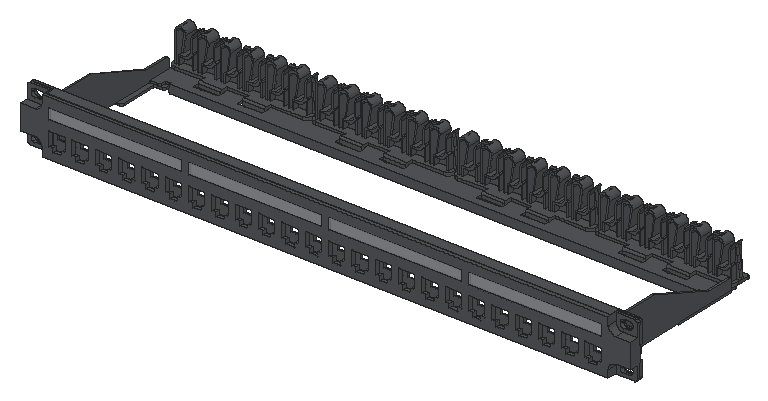
Revit family "Patch panel", category Equipement spécialisé, Revit 2020 (continued)
Forms (mm)
  Extrusion 142, solid, material "IDS_NOIR" <- "Color"
    sketch origin (172.436, 226.765, 1200) x (-1, 0, 0) y (0, 0, 1)
      loop
        line (-28.964, -1163.4) -> (-28.964, -1173.921)
        arc (-28.964, -1173.921) -> (-29.228, -1174.219) -> (-29.555, -1173.994) r 0.3
        line (-29.555, -1173.994) -> (-31.804, -1165.028) -> (-31.804, -1188.4) -> (-28.964, -1188.4) -> (-28.964, -1178.068)
        arc (-28.964, -1178.068) -> (-28.87, -1177.644) -> (-28.605, -1177.3) r 1
        line (-28.605, -1177.3) -> (-27.764, -1176.6) -> (-27.764, -1166.45) -> (-28.964, -1163.4)
      loop
        line (-27.764, -1188.4) -> (-17.964, -1188.4) -> (-17.964, -1182.6) -> (-21.764, -1182.6)
        arc (-21.764, -1182.6) -> (-24.979, -1181.666) -> (-27.193, -1179.156) r 6
        arc (-27.193, -1179.156) -> (-27.53, -1178.991) -> (-27.764, -1179.283) r 0.3
        line (-27.764, -1179.283) -> (-27.764, -1188.4)
      loop
        line (-16.764, -1182.4) -> (-16.764, -1188.4) -> (-15.004, -1188.4) -> (-15.004, -1182.4) -> (-16.764, -1182.4)
    from 1 to -1
  Extrusion 143, solid, material "IDS_NOIR" <- "Color"
    sketch origin (190.436, 226.765, 1200) x (-1, 0, 0) y (0, 0, 1)
      loop
        line (-32.464, -1188.4) -> (-28.964, -1188.4) -> (-28.964, -1178.068)
        arc (-28.964, -1178.068) -> (-28.87, -1177.644) -> (-28.605, -1177.3) r 1
        line (-28.605, -1177.3) -> (-27.764, -1176.6) -> (-27.764, -1166.45) -> (-28.819, -1163.769) -> (-32.464, -1188.4)
      loop
        line (-27.764, -1188.4) -> (-17.964, -1188.4) -> (-17.964, -1182.6) -> (-21.764, -1182.6)
        arc (-21.764, -1182.6) -> (-24.979, -1181.666) -> (-27.193, -1179.156) r 6
        arc (-27.193, -1179.156) -> (-27.53, -1178.991) -> (-27.764, -1179.283) r 0.3
        line (-27.764, -1179.283) -> (-27.764, -1188.4)
      loop
        line (-16.764, -1182.4) -> (-16.764, -1188.4) -> (-15.004, -1188.4) -> (-15.004, -1182.4) -> (-16.764, -1182.4)
    from 1 to -1
  Extrusion 144, solid, material "IDS_NOIR" <- "Color"
    sketch origin (100.436, 226.765, 1200) x (-1, 0, 0) y (0, 0, 1)
      loop
        arc (-36.054, -1161.15) -> (-33.708, -1161.856) -> (-32.142, -1163.74) r 4.25
        arc (-32.142, -1163.74) -> (-32.055, -1162.798) -> (-31.221, -1162.35) r 1
        line (-31.221, -1162.35) -> (-28.964, -1162.35) -> (-28.964, -1161.15) -> (-36.054, -1161.15)
    from -1 to 1
  Extrusion 145, solid, material "IDS_NOIR" <- "Color"
    sketch origin (118.436, 226.765, 1200) x (-1, 0, 0) y (0, 0, 1)
      loop
        arc (-36.054, -1161.15) -> (-33.708, -1161.856) -> (-32.142, -1163.74) r 4.25
        arc (-32.142, -1163.74) -> (-32.055, -1162.798) -> (-31.221, -1162.35) r 1
        line (-31.221, -1162.35) -> (-28.964, -1162.35) -> (-28.964, -1161.15) -> (-36.054, -1161.15)
    from -1 to 1
  Extrusion 146, solid, material "IDS_NOIR" <- "Color"
    sketch origin (136.436, 226.765, 1200) x (-1, 0, 0) y (0, 0, 1)
      loop
        arc (-36.054, -1161.15) -> (-33.708, -1161.856) -> (-32.142, -1163.74) r 4.25
        arc (-32.142, -1163.74) -> (-32.055, -1162.798) -> (-31.221, -1162.35) r 1
        line (-31.221, -1162.35) -> (-28.964, -1162.35) -> (-28.964, -1161.15) -> (-36.054, -1161.15)
    from -1 to 1
  Extrusion 147, solid, material "IDS_NOIR" <- "Color"
    sketch origin (154.436, 226.765, 1200) x (-1, 0, 0) y (0, 0, 1)
      loop
        arc (-36.054, -1161.15) -> (-33.708, -1161.856) -> (-32.142, -1163.74) r 4.25
        arc (-32.142, -1163.74) -> (-32.055, -1162.798) -> (-31.221, -1162.35) r 1
        line (-31.221, -1162.35) -> (-28.964, -1162.35) -> (-28.964, -1161.15) -> (-36.054, -1161.15)
    from -1 to 1
  Extrusion 148, solid, material "IDS_NOIR" <- "Color"
    sketch origin (172.436, 226.765, 1200) x (-1, 0, 0) y (0, 0, 1)
      loop
        arc (-36.054, -1161.15) -> (-33.708, -1161.856) -> (-32.142, -1163.74) r 4.25
        arc (-32.142, -1163.74) -> (-32.055, -1162.798) -> (-31.221, -1162.35) r 1
        line (-31.221, -1162.35) -> (-28.964, -1162.35) -> (-28.964, -1161.15) -> (-36.054, -1161.15)
    from -1 to 1
  Extrusion 149, solid, material "IDS_NOIR" <- "Color"
    sketch origin (335.6, 127.2, 9.6) x (1, 0, 0) y (0, 1, 0)
      loop
        line (5.4, 91.1) -> (106.4, 91.1)
        arc (106.4, 91.1) -> (109.936, 92.564) -> (111.4, 96.1) r 5
        line (111.4, 96.1) -> (111.4, 105.6)
        arc (111.4, 105.6) -> (110.814, 107.014) -> (109.4, 107.6) r 2
        line (109.4, 107.6) -> (2.4, 107.6)
        arc (2.4, 107.6) -> (0.986, 107.014) -> (0.4, 105.6) r 2
        line (0.4, 105.6) -> (0.4, 96.1)
        arc (0.4, 96.1) -> (1.864, 92.564) -> (5.4, 91.1) r 5
    from 0 to 2
  Extrusion 150, solid, material "IDS_NOIR" <- "Color"
    sketch origin (364.5, 239.845, 1200) x (0, 1, 0) y (0, 0, 1)
      loop
        line (-21.545, -1190.4) -> (-21.545, -1188.4) -> (-26.045, -1188.4)
        arc (-26.045, -1188.4) -> (-27.106, -1188.839) -> (-27.545, -1189.9) r 1.5
        line (-27.545, -1189.9) -> (-27.545, -1192.9)
        arc (-27.545, -1192.9) -> (-27.106, -1193.961) -> (-26.045, -1194.4) r 1.5
        line (-26.045, -1194.4) -> (-23.545, -1194.4) -> (-23.545, -1192.4) -> (-25.545, -1192.4) -> (-25.545, -1190.4) -> (-21.545, -1190.4)
    from 0 to 18
  Extrusion 151, solid, material "IDS_NOIR" <- "Color"
    sketch origin (417.3, 239.845, 1200) x (0, 1, 0) y (0, 0, -1)
      loop
        line (-21.545, 1190.4) -> (-25.545, 1190.4) -> (-25.545, 1192.4) -> (-23.545, 1192.4) -> (-23.545, 1194.4) -> (-26.045, 1194.4)
        arc (-26.045, 1194.4) -> (-27.106, 1193.961) -> (-27.545, 1192.9) r 1.5
        line (-27.545, 1192.9) -> (-27.545, 1189.9)
        arc (-27.545, 1189.9) -> (-27.106, 1188.839) -> (-26.045, 1188.4) r 1.5
        line (-26.045, 1188.4) -> (-21.545, 1188.4) -> (-21.545, 1190.4)
    from 0 to 18
  Extrusion 152, solid, material "IDS_NOIR" <- "Color"
    sketch origin (341, 247.204, 1200) x (0, 1, 0) y (0, 0, 1)
      loop
        line (-12.404, -1190.401) -> (-13.654, -1190.401) -> (-13.654, -1195.9) -> (-12.404, -1195.9) -> (-12.404, -1190.401)
    from 0 to 22
  Extrusion 153, solid
    sketch origin (343.5, 236.327, 1200) x (0, 1, 0) y (0, 0, 1)
      loop
        line (-4.027, -1192.4) -> (-4.027, -1195.9) -> (-2.777, -1195.9) -> (-2.777, -1192.4) -> (-4.027, -1192.4)
    from 0 to 4
  Extrusion 154, void
    sketch origin (341, 247.204, 1200) x (0, -1, 0) y (0, 0, 1)
      loop
        line (12.904, -1195.9) -> (14.904, -1195.9) -> (14.904, -1193.4) -> (12.904, -1195.9)
    from 0 to -22
  Extrusion 155, solid, material "IDS_NOIR" <- "Color"
    sketch origin (440.8, 247.204, 1200) x (0, 1, 0) y (0, 0, -1)
      loop
        line (-12.404, 1190.401) -> (-12.404, 1195.9) -> (-13.654, 1195.9) -> (-13.654, 1190.401) -> (-12.404, 1190.401)
    from 0 to 22
  Extrusion 156, solid
    sketch origin (438.3, 236.327, 1200) x (0, 1, 0) y (0, 0, -1)
      loop
        line (-4.027, 1192.4) -> (-2.777, 1192.4) -> (-2.777, 1195.9) -> (-4.027, 1195.9) -> (-4.027, 1192.4)
    from 0 to 4
  Extrusion 157, void
    sketch origin (440.8, 247.204, 1200) x (0, -1, 0) y (0, 0, -1)
      loop
        line (12.904, 1195.9) -> (14.904, 1193.4) -> (14.904, 1195.9) -> (12.904, 1195.9)
    from 0 to -22
  Extrusion 158, solid, material "IDS_NOIR" <- "Color"
    sketch origin (307.6, 231.765, 1200) x (-1, 0, 0) y (0, 0, 1)
      loop
        line (-30.74, -1188.4) -> (-30.74, -1165.4)
        arc (-30.74, -1165.4) -> (-35.283, -1161.16) -> (-39.2, -1165.985) r 4.25
        line (-39.2, -1165.985) -> (-37.4, -1178.928) -> (-36.211, -1178.763) -> (-38.011, -1165.82)
        arc (-38.011, -1165.82) -> (-35.201, -1162.357) -> (-31.94, -1165.4) r 3.05
        line (-31.94, -1165.4) -> (-31.94, -1188.4) -> (-30.74, -1188.4)
      loop
        line (-44.7, -1176.6) -> (-45.54, -1177.3)
        arc (-45.54, -1177.3) -> (-45.806, -1177.644) -> (-45.9, -1178.068) r 1
        line (-45.9, -1178.068) -> (-45.9, -1188.4) -> (-44.7, -1188.4) -> (-44.7, -1179.283)
        arc (-44.7, -1179.283) -> (-44.465, -1178.991) -> (-44.129, -1179.156) r 0.3
        arc (-44.129, -1179.156) -> (-41.915, -1181.666) -> (-38.7, -1182.6) r 6
        line (-38.7, -1182.6) -> (-34.9, -1182.6) -> (-34.9, -1188.4) -> (-33.7, -1188.4) -> (-33.7, -1182.4)
        arc (-33.7, -1182.4) -> (-33.993, -1181.693) -> (-34.7, -1181.4) r 1
        line (-34.7, -1181.4) -> (-37.5, -1181.4)
        arc (-37.5, -1181.4) -> (-41.743, -1179.643) -> (-43.5, -1175.4) r 6
        line (-43.5, -1175.4) -> (-43.5, -1166.45) -> (-44.7, -1163.4) -> (-45.9, -1163.4) -> (-44.7, -1166.45) -> (-44.7, -1176.6)
    from 0 to -10
  Extrusion 159, solid, material "IDS_NOIR" <- "Color"
    sketch origin (325.6, 231.765, 1200) x (-1, 0, 0) y (0, 0, 1)
      loop
        line (-30.74, -1188.4) -> (-30.74, -1165.4)
        arc (-30.74, -1165.4) -> (-35.283, -1161.16) -> (-39.2, -1165.985) r 4.25
        line (-39.2, -1165.985) -> (-37.4, -1178.928) -> (-36.211, -1178.763) -> (-38.011, -1165.82)
        arc (-38.011, -1165.82) -> (-35.201, -1162.357) -> (-31.94, -1165.4) r 3.05
        line (-31.94, -1165.4) -> (-31.94, -1188.4) -> (-30.74, -1188.4)
      loop
        line (-44.7, -1176.6) -> (-45.54, -1177.3)
        arc (-45.54, -1177.3) -> (-45.806, -1177.644) -> (-45.9, -1178.068) r 1
        line (-45.9, -1178.068) -> (-45.9, -1188.4) -> (-44.7, -1188.4) -> (-44.7, -1179.283)
        arc (-44.7, -1179.283) -> (-44.465, -1178.991) -> (-44.129, -1179.156) r 0.3
        arc (-44.129, -1179.156) -> (-41.915, -1181.666) -> (-38.7, -1182.6) r 6
        line (-38.7, -1182.6) -> (-34.9, -1182.6) -> (-34.9, -1188.4) -> (-33.7, -1188.4) -> (-33.7, -1182.4)
        arc (-33.7, -1182.4) -> (-33.993, -1181.693) -> (-34.7, -1181.4) r 1
        line (-34.7, -1181.4) -> (-37.5, -1181.4)
        arc (-37.5, -1181.4) -> (-41.743, -1179.643) -> (-43.5, -1175.4) r 6
        line (-43.5, -1175.4) -> (-43.5, -1166.45) -> (-44.7, -1163.4) -> (-45.9, -1163.4) -> (-44.7, -1166.45) -> (-44.7, -1176.6)
    from 0 to -10
  Extrusion 160, solid, material "IDS_NOIR" <- "Color"
    sketch origin (343.6, 231.765, 1200) x (-1, 0, 0) y (0, 0, 1)
      loop
        line (-30.74, -1188.4) -> (-30.74, -1165.4)
        arc (-30.74, -1165.4) -> (-35.283, -1161.16) -> (-39.2, -1165.985) r 4.25
        line (-39.2, -1165.985) -> (-37.4, -1178.928) -> (-36.211, -1178.763) -> (-38.011, -1165.82)
        arc (-38.011, -1165.82) -> (-35.201, -1162.357) -> (-31.94, -1165.4) r 3.05
        line (-31.94, -1165.4) -> (-31.94, -1188.4) -> (-30.74, -1188.4)
      loop
        line (-44.7, -1176.6) -> (-45.54, -1177.3)
        arc (-45.54, -1177.3) -> (-45.806, -1177.644) -> (-45.9, -1178.068) r 1
        line (-45.9, -1178.068) -> (-45.9, -1188.4) -> (-44.7, -1188.4) -> (-44.7, -1179.283)
        arc (-44.7, -1179.283) -> (-44.465, -1178.991) -> (-44.129, -1179.156) r 0.3
        arc (-44.129, -1179.156) -> (-41.915, -1181.666) -> (-38.7, -1182.6) r 6
        line (-38.7, -1182.6) -> (-34.9, -1182.6) -> (-34.9, -1188.4) -> (-33.7, -1188.4) -> (-33.7, -1182.4)
        arc (-33.7, -1182.4) -> (-33.993, -1181.693) -> (-34.7, -1181.4) r 1
        line (-34.7, -1181.4) -> (-37.5, -1181.4)
        arc (-37.5, -1181.4) -> (-41.743, -1179.643) -> (-43.5, -1175.4) r 6
        line (-43.5, -1175.4) -> (-43.5, -1166.45) -> (-44.7, -1163.4) -> (-45.9, -1163.4) -> (-44.7, -1166.45) -> (-44.7, -1176.6)
    from 0 to -10
  Extrusion 161, solid, material "IDS_NOIR" <- "Color"
    sketch origin (361.6, 231.765, 1200) x (-1, 0, 0) y (0, 0, 1)
      loop
        line (-30.74, -1188.4) -> (-30.74, -1165.4)
        arc (-30.74, -1165.4) -> (-35.283, -1161.16) -> (-39.2, -1165.985) r 4.25
        line (-39.2, -1165.985) -> (-37.4, -1178.928) -> (-36.211, -1178.763) -> (-38.011, -1165.82)
        arc (-38.011, -1165.82) -> (-35.201, -1162.357) -> (-31.94, -1165.4) r 3.05
        line (-31.94, -1165.4) -> (-31.94, -1188.4) -> (-30.74, -1188.4)
      loop
        line (-44.7, -1176.6) -> (-45.54, -1177.3)
        arc (-45.54, -1177.3) -> (-45.806, -1177.644) -> (-45.9, -1178.068) r 1
        line (-45.9, -1178.068) -> (-45.9, -1188.4) -> (-44.7, -1188.4) -> (-44.7, -1179.283)
        arc (-44.7, -1179.283) -> (-44.465, -1178.991) -> (-44.129, -1179.156) r 0.3
        arc (-44.129, -1179.156) -> (-41.915, -1181.666) -> (-38.7, -1182.6) r 6
        line (-38.7, -1182.6) -> (-34.9, -1182.6) -> (-34.9, -1188.4) -> (-33.7, -1188.4) -> (-33.7, -1182.4)
        arc (-33.7, -1182.4) -> (-33.993, -1181.693) -> (-34.7, -1181.4) r 1
        line (-34.7, -1181.4) -> (-37.5, -1181.4)
        arc (-37.5, -1181.4) -> (-41.743, -1179.643) -> (-43.5, -1175.4) r 6
        line (-43.5, -1175.4) -> (-43.5, -1166.45) -> (-44.7, -1163.4) -> (-45.9, -1163.4) -> (-44.7, -1166.45) -> (-44.7, -1176.6)
    from 0 to -10
  Extrusion 162, solid, material "IDS_NOIR" <- "Color"
    sketch origin (379.6, 231.765, 1200) x (-1, 0, 0) y (0, 0, 1)
      loop
        line (-30.74, -1188.4) -> (-30.74, -1165.4)
        arc (-30.74, -1165.4) -> (-35.283, -1161.16) -> (-39.2, -1165.985) r 4.25
        line (-39.2, -1165.985) -> (-37.4, -1178.928) -> (-36.211, -1178.763) -> (-38.011, -1165.82)
        arc (-38.011, -1165.82) -> (-35.201, -1162.357) -> (-31.94, -1165.4) r 3.05
        line (-31.94, -1165.4) -> (-31.94, -1188.4) -> (-30.74, -1188.4)
      loop
        line (-44.7, -1176.6) -> (-45.54, -1177.3)
        arc (-45.54, -1177.3) -> (-45.806, -1177.644) -> (-45.9, -1178.068) r 1
        line (-45.9, -1178.068) -> (-45.9, -1188.4) -> (-44.7, -1188.4) -> (-44.7, -1179.283)
        arc (-44.7, -1179.283) -> (-44.465, -1178.991) -> (-44.129, -1179.156) r 0.3
        arc (-44.129, -1179.156) -> (-41.915, -1181.666) -> (-38.7, -1182.6) r 6
        line (-38.7, -1182.6) -> (-34.9, -1182.6) -> (-34.9, -1188.4) -> (-33.7, -1188.4) -> (-33.7, -1182.4)
        arc (-33.7, -1182.4) -> (-33.993, -1181.693) -> (-34.7, -1181.4) r 1
        line (-34.7, -1181.4) -> (-37.5, -1181.4)
        arc (-37.5, -1181.4) -> (-41.743, -1179.643) -> (-43.5, -1175.4) r 6
        line (-43.5, -1175.4) -> (-43.5, -1166.45) -> (-44.7, -1163.4) -> (-45.9, -1163.4) -> (-44.7, -1166.45) -> (-44.7, -1176.6)
    from 0 to -10
  Extrusion 163, solid, material "IDS_NOIR" <- "Color"
    sketch origin (397.6, 231.765, 1200) x (-1, 0, 0) y (0, 0, 1)
      loop
        line (-30.74, -1188.4) -> (-30.74, -1165.4)
        arc (-30.74, -1165.4) -> (-35.283, -1161.16) -> (-39.2, -1165.985) r 4.25
        line (-39.2, -1165.985) -> (-37.4, -1178.928) -> (-36.211, -1178.763) -> (-38.011, -1165.82)
        arc (-38.011, -1165.82) -> (-35.201, -1162.357) -> (-31.94, -1165.4) r 3.05
        line (-31.94, -1165.4) -> (-31.94, -1188.4) -> (-30.74, -1188.4)
      loop
        line (-44.7, -1176.6) -> (-45.54, -1177.3)
        arc (-45.54, -1177.3) -> (-45.806, -1177.644) -> (-45.9, -1178.068) r 1
        line (-45.9, -1178.068) -> (-45.9, -1188.4) -> (-44.7, -1188.4) -> (-44.7, -1179.283)
        arc (-44.7, -1179.283) -> (-44.465, -1178.991) -> (-44.129, -1179.156) r 0.3
        arc (-44.129, -1179.156) -> (-41.915, -1181.666) -> (-38.7, -1182.6) r 6
        line (-38.7, -1182.6) -> (-34.9, -1182.6) -> (-34.9, -1188.4) -> (-33.7, -1188.4) -> (-33.7, -1182.4)
        arc (-33.7, -1182.4) -> (-33.993, -1181.693) -> (-34.7, -1181.4) r 1
        line (-34.7, -1181.4) -> (-37.5, -1181.4)
        arc (-37.5, -1181.4) -> (-41.743, -1179.643) -> (-43.5, -1175.4) r 6
        line (-43.5, -1175.4) -> (-43.5, -1166.45) -> (-44.7, -1163.4) -> (-45.9, -1163.4) -> (-44.7, -1166.45) -> (-44.7, -1176.6)
    from 0 to -10
  Extrusion 164, solid, material "IDS_NOIR" <- "Color"
    sketch origin (324.536, 226.765, 1200) x (-1, 0, 0) y (0, 0, 1)
      loop
        line (-28.964, -1163.4) -> (-28.964, -1173.921)
        arc (-28.964, -1173.921) -> (-29.228, -1174.219) -> (-29.555, -1173.994) r 0.3
        line (-29.555, -1173.994) -> (-31.804, -1165.028) -> (-31.804, -1188.4) -> (-28.964, -1188.4) -> (-28.964, -1178.068)
        arc (-28.964, -1178.068) -> (-28.87, -1177.644) -> (-28.605, -1177.3) r 1
        line (-28.605, -1177.3) -> (-27.764, -1176.6) -> (-27.764, -1166.45) -> (-28.964, -1163.4)
      loop
        line (-27.764, -1188.4) -> (-17.964, -1188.4) -> (-17.964, -1182.6) -> (-21.764, -1182.6)
        arc (-21.764, -1182.6) -> (-24.979, -1181.666) -> (-27.193, -1179.156) r 6
        arc (-27.193, -1179.156) -> (-27.53, -1178.991) -> (-27.764, -1179.283) r 0.3
        line (-27.764, -1179.283) -> (-27.764, -1188.4)
      loop
        line (-16.764, -1182.4) -> (-16.764, -1188.4) -> (-15.004, -1188.4) -> (-15.004, -1182.4) -> (-16.764, -1182.4)
      loop
        line (-13.804, -1188.4) -> (-11.464, -1188.4) -> (-13.804, -1165.4) -> (-13.804, -1188.4)
    from 1 to -1
  Extrusion 165, solid, material "IDS_NOIR" <- "Color"
    sketch origin (342.536, 226.765, 1200) x (-1, 0, 0) y (0, 0, 1)
      loop
        line (-28.964, -1163.4) -> (-28.964, -1173.921)
        arc (-28.964, -1173.921) -> (-29.228, -1174.219) -> (-29.555, -1173.994) r 0.3
        line (-29.555, -1173.994) -> (-31.804, -1165.028) -> (-31.804, -1188.4) -> (-28.964, -1188.4) -> (-28.964, -1178.068)
        arc (-28.964, -1178.068) -> (-28.87, -1177.644) -> (-28.605, -1177.3) r 1
        line (-28.605, -1177.3) -> (-27.764, -1176.6) -> (-27.764, -1166.45) -> (-28.964, -1163.4)
      loop
        line (-27.764, -1188.4) -> (-17.964, -1188.4) -> (-17.964, -1182.6) -> (-21.764, -1182.6)
        arc (-21.764, -1182.6) -> (-24.979, -1181.666) -> (-27.193, -1179.156) r 6
        arc (-27.193, -1179.156) -> (-27.53, -1178.991) -> (-27.764, -1179.283) r 0.3
        line (-27.764, -1179.283) -> (-27.764, -1188.4)
      loop
        line (-16.764, -1182.4) -> (-16.764, -1188.4) -> (-15.229, -1188.4) -> (-15.229, -1182.4) -> (-16.764, -1182.4)
    from 1 to -1
  Extrusion 166, solid, material "IDS_NOIR" <- "Color"
    sketch origin (360.536, 226.765, 1200) x (-1, 0, 0) y (0, 0, 1)
      loop
        line (-28.964, -1163.4) -> (-28.964, -1173.921)
        arc (-28.964, -1173.921) -> (-29.228, -1174.219) -> (-29.555, -1173.994) r 0.3
        line (-29.555, -1173.994) -> (-31.804, -1165.028) -> (-31.804, -1188.4) -> (-28.964, -1188.4) -> (-28.964, -1178.068)
        arc (-28.964, -1178.068) -> (-28.87, -1177.644) -> (-28.605, -1177.3) r 1
        line (-28.605, -1177.3) -> (-27.764, -1176.6) -> (-27.764, -1166.45) -> (-28.964, -1163.4)
      loop
        line (-27.764, -1188.4) -> (-17.964, -1188.4) -> (-17.964, -1182.6) -> (-21.764, -1182.6)
        arc (-21.764, -1182.6) -> (-24.979, -1181.666) -> (-27.193, -1179.156) r 6
        arc (-27.193, -1179.156) -> (-27.53, -1178.991) -> (-27.764, -1179.283) r 0.3
        line (-27.764, -1179.283) -> (-27.764, -1188.4)
      loop
        line (-16.764, -1182.4) -> (-16.764, -1188.4) -> (-15.004, -1188.4) -> (-15.004, -1182.4) -> (-16.764, -1182.4)
    from 1 to -1
  Extrusion 167, solid, material "IDS_NOIR" <- "Color"
    sketch origin (378.536, 226.765, 1200) x (-1, 0, 0) y (0, 0, 1)
      loop
        line (-28.964, -1163.4) -> (-28.964, -1173.921)
        arc (-28.964, -1173.921) -> (-29.228, -1174.219) -> (-29.555, -1173.994) r 0.3
        line (-29.555, -1173.994) -> (-31.804, -1165.028) -> (-31.804, -1188.4) -> (-28.964, -1188.4) -> (-28.964, -1178.068)
        arc (-28.964, -1178.068) -> (-28.87, -1177.644) -> (-28.605, -1177.3) r 1
        line (-28.605, -1177.3) -> (-27.764, -1176.6) -> (-27.764, -1166.45) -> (-28.964, -1163.4)
      loop
        line (-27.764, -1188.4) -> (-17.964, -1188.4) -> (-17.964, -1182.6) -> (-21.764, -1182.6)
        arc (-21.764, -1182.6) -> (-24.979, -1181.666) -> (-27.193, -1179.156) r 6
        arc (-27.193, -1179.156) -> (-27.53, -1178.991) -> (-27.764, -1179.283) r 0.3
        line (-27.764, -1179.283) -> (-27.764, -1188.4)
      loop
        line (-16.764, -1182.4) -> (-16.764, -1188.4) -> (-15.004, -1188.4) -> (-15.004, -1182.4) -> (-16.764, -1182.4)
    from 1 to -1
  Extrusion 168, solid, material "IDS_NOIR" <- "Color"
    sketch origin (396.536, 226.765, 1200) x (-1, 0, 0) y (0, 0, 1)
      loop
        line (-28.964, -1163.4) -> (-28.964, -1173.921)
        arc (-28.964, -1173.921) -> (-29.228, -1174.219) -> (-29.555, -1173.994) r 0.3
        line (-29.555, -1173.994) -> (-31.804, -1165.028) -> (-31.804, -1188.4) -> (-28.964, -1188.4) -> (-28.964, -1178.068)
        arc (-28.964, -1178.068) -> (-28.87, -1177.644) -> (-28.605, -1177.3) r 1
        line (-28.605, -1177.3) -> (-27.764, -1176.6) -> (-27.764, -1166.45) -> (-28.964, -1163.4)
      loop
        line (-27.764, -1188.4) -> (-17.964, -1188.4) -> (-17.964, -1182.6) -> (-21.764, -1182.6)
        arc (-21.764, -1182.6) -> (-24.979, -1181.666) -> (-27.193, -1179.156) r 6
        arc (-27.193, -1179.156) -> (-27.53, -1178.991) -> (-27.764, -1179.283) r 0.3
        line (-27.764, -1179.283) -> (-27.764, -1188.4)
      loop
        line (-16.764, -1182.4) -> (-16.764, -1188.4) -> (-15.004, -1188.4) -> (-15.004, -1182.4) -> (-16.764, -1182.4)
    from 1 to -1
  Extrusion 169, solid, material "IDS_NOIR" <- "Color"
    sketch origin (414.536, 226.765, 1200) x (-1, 0, 0) y (0, 0, 1)
      loop
        line (-32.464, -1188.4) -> (-28.964, -1188.4) -> (-28.964, -1178.068)
        arc (-28.964, -1178.068) -> (-28.87, -1177.644) -> (-28.605, -1177.3) r 1
        line (-28.605, -1177.3) -> (-27.764, -1176.6) -> (-27.764, -1166.45) -> (-28.819, -1163.769) -> (-32.464, -1188.4)
      loop
        line (-27.764, -1188.4) -> (-17.964, -1188.4) -> (-17.964, -1182.6) -> (-21.764, -1182.6)
        arc (-21.764, -1182.6) -> (-24.979, -1181.666) -> (-27.193, -1179.156) r 6
        arc (-27.193, -1179.156) -> (-27.53, -1178.991) -> (-27.764, -1179.283) r 0.3
        line (-27.764, -1179.283) -> (-27.764, -1188.4)
      loop
        line (-16.764, -1182.4) -> (-16.764, -1188.4) -> (-15.004, -1188.4) -> (-15.004, -1182.4) -> (-16.764, -1182.4)
    from 1 to -1
  Extrusion 170, solid, material "IDS_NOIR" <- "Color"
    sketch origin (324.536, 226.765, 1200) x (-1, 0, 0) y (0, 0, 1)
      loop
        arc (-36.054, -1161.15) -> (-33.708, -1161.856) -> (-32.142, -1163.74) r 4.25
        arc (-32.142, -1163.74) -> (-32.055, -1162.798) -> (-31.221, -1162.35) r 1
        line (-31.221, -1162.35) -> (-28.964, -1162.35) -> (-28.964, -1161.15) -> (-36.054, -1161.15)
    from -1 to 1
  Extrusion 171, solid, material "IDS_NOIR" <- "Color"
    sketch origin (342.536, 226.765, 1200) x (-1, 0, 0) y (0, 0, 1)
      loop
        arc (-36.054, -1161.15) -> (-33.708, -1161.856) -> (-32.142, -1163.74) r 4.25
        arc (-32.142, -1163.74) -> (-32.055, -1162.798) -> (-31.221, -1162.35) r 1
        line (-31.221, -1162.35) -> (-28.964, -1162.35) -> (-28.964, -1161.15) -> (-36.054, -1161.15)
    from -1 to 1
  Extrusion 172, solid, material "IDS_NOIR" <- "Color"
    sketch origin (360.536, 226.765, 1200) x (-1, 0, 0) y (0, 0, 1)
      loop
        arc (-36.054, -1161.15) -> (-33.708, -1161.856) -> (-32.142, -1163.74) r 4.25
        arc (-32.142, -1163.74) -> (-32.055, -1162.798) -> (-31.221, -1162.35) r 1
        line (-31.221, -1162.35) -> (-28.964, -1162.35) -> (-28.964, -1161.15) -> (-36.054, -1161.15)
    from -1 to 1
  Extrusion 173, solid, material "IDS_NOIR" <- "Color"
    sketch origin (378.536, 226.765, 1200) x (-1, 0, 0) y (0, 0, 1)
      loop
        arc (-36.054, -1161.15) -> (-33.708, -1161.856) -> (-32.142, -1163.74) r 4.25
        arc (-32.142, -1163.74) -> (-32.055, -1162.798) -> (-31.221, -1162.35) r 1
        line (-31.221, -1162.35) -> (-28.964, -1162.35) -> (-28.964, -1161.15) -> (-36.054, -1161.15)
    from -1 to 1
  Extrusion 174, solid, material "IDS_NOIR" <- "Color"
    sketch origin (396.536, 226.765, 1200) x (-1, 0, 0) y (0, 0, 1)
      loop
        arc (-36.054, -1161.15) -> (-33.708, -1161.856) -> (-32.142, -1163.74) r 4.25
        arc (-32.142, -1163.74) -> (-32.055, -1162.798) -> (-31.221, -1162.35) r 1
        line (-31.221, -1162.35) -> (-28.964, -1162.35) -> (-28.964, -1161.15) -> (-36.054, -1161.15)
    from -1 to 1
  Extrusion 175, solid, material "IDS_NOIR" <- "Color"
    sketch origin (224.1, 127.2, 9.6) x (1, 0, 0) y (0, 1, 0)
      loop
        line (5.4, 91.1) -> (106.4, 91.1)
        arc (106.4, 91.1) -> (109.936, 92.564) -> (111.4, 96.1) r 5
        line (111.4, 96.1) -> (111.4, 105.6)
        arc (111.4, 105.6) -> (110.814, 107.014) -> (109.4, 107.6) r 2
        line (109.4, 107.6) -> (2.4, 107.6)
        arc (2.4, 107.6) -> (0.986, 107.014) -> (0.4, 105.6) r 2
        line (0.4, 105.6) -> (0.4, 96.1)
        arc (0.4, 96.1) -> (1.864, 92.564) -> (5.4, 91.1) r 5
    from 0 to 2
  Extrusion 176, solid, material "IDS_NOIR" <- "Color"
    sketch origin (253, 239.845, 1200) x (0, 1, 0) y (0, 0, 1)
      loop
        line (-21.545, -1190.4) -> (-21.545, -1188.4) -> (-26.045, -1188.4)
        arc (-26.045, -1188.4) -> (-27.106, -1188.839) -> (-27.545, -1189.9) r 1.5
        line (-27.545, -1189.9) -> (-27.545, -1192.9)
        arc (-27.545, -1192.9) -> (-27.106, -1193.961) -> (-26.045, -1194.4) r 1.5
        line (-26.045, -1194.4) -> (-23.545, -1194.4) -> (-23.545, -1192.4) -> (-25.545, -1192.4) -> (-25.545, -1190.4) -> (-21.545, -1190.4)
    from 0 to 18
  Extrusion 177, solid, material "IDS_NOIR" <- "Color"
    sketch origin (305.8, 239.845, 1200) x (0, 1, 0) y (0, 0, -1)
      loop
        line (-21.545, 1190.4) -> (-25.545, 1190.4) -> (-25.545, 1192.4) -> (-23.545, 1192.4) -> (-23.545, 1194.4) -> (-26.045, 1194.4)
        arc (-26.045, 1194.4) -> (-27.106, 1193.961) -> (-27.545, 1192.9) r 1.5
        line (-27.545, 1192.9) -> (-27.545, 1189.9)
        arc (-27.545, 1189.9) -> (-27.106, 1188.839) -> (-26.045, 1188.4) r 1.5
        line (-26.045, 1188.4) -> (-21.545, 1188.4) -> (-21.545, 1190.4)
    from 0 to 18
  Extrusion 178, solid, material "IDS_NOIR" <- "Color"
    sketch origin (229.5, 247.204, 1200) x (0, 1, 0) y (0, 0, 1)
      loop
        line (-12.404, -1190.401) -> (-13.654, -1190.401) -> (-13.654, -1195.9) -> (-12.404, -1195.9) -> (-12.404, -1190.401)
    from 0 to 22
  Extrusion 179, solid
    sketch origin (232, 236.327, 1200) x (0, 1, 0) y (0, 0, 1)
      loop
        line (-4.027, -1192.4) -> (-4.027, -1195.9) -> (-2.777, -1195.9) -> (-2.777, -1192.4) -> (-4.027, -1192.4)
    from 0 to 4
  Extrusion 180, void
    sketch origin (229.5, 247.204, 1200) x (0, -1, 0) y (0, 0, 1)
      loop
        line (12.904, -1195.9) -> (14.904, -1195.9) -> (14.904, -1193.4) -> (12.904, -1195.9)
    from 0 to -22
  Extrusion 181, solid, material "IDS_NOIR" <- "Color"
    sketch origin (329.3, 247.204, 1200) x (0, 1, 0) y (0, 0, -1)
      loop
        line (-12.404, 1190.401) -> (-12.404, 1195.9) -> (-13.654, 1195.9) -> (-13.654, 1190.401) -> (-12.404, 1190.401)
    from 0 to 22
  Extrusion 182, solid
    sketch origin (326.8, 236.327, 1200) x (0, 1, 0) y (0, 0, -1)
      loop
        line (-4.027, 1192.4) -> (-2.777, 1192.4) -> (-2.777, 1195.9) -> (-4.027, 1195.9) -> (-4.027, 1192.4)
    from 0 to 4
  Extrusion 183, void
    sketch origin (329.3, 247.204, 1200) x (0, -1, 0) y (0, 0, -1)
      loop
        line (12.904, 1195.9) -> (14.904, 1193.4) -> (14.904, 1195.9) -> (12.904, 1195.9)
    from 0 to -22
  Extrusion 184, solid, material "IDS_NOIR" <- "Color"
    sketch origin (196.1, 231.765, 1200) x (-1, 0, 0) y (0, 0, 1)
      loop
        line (-30.74, -1188.4) -> (-30.74, -1165.4)
        arc (-30.74, -1165.4) -> (-35.283, -1161.16) -> (-39.2, -1165.985) r 4.25
        line (-39.2, -1165.985) -> (-37.4, -1178.928) -> (-36.211, -1178.763) -> (-38.011, -1165.82)
        arc (-38.011, -1165.82) -> (-35.201, -1162.357) -> (-31.94, -1165.4) r 3.05
        line (-31.94, -1165.4) -> (-31.94, -1188.4) -> (-30.74, -1188.4)
      loop
        line (-44.7, -1176.6) -> (-45.54, -1177.3)
        arc (-45.54, -1177.3) -> (-45.806, -1177.644) -> (-45.9, -1178.068) r 1
        line (-45.9, -1178.068) -> (-45.9, -1188.4) -> (-44.7, -1188.4) -> (-44.7, -1179.283)
        arc (-44.7, -1179.283) -> (-44.465, -1178.991) -> (-44.129, -1179.156) r 0.3
        arc (-44.129, -1179.156) -> (-41.915, -1181.666) -> (-38.7, -1182.6) r 6
        line (-38.7, -1182.6) -> (-34.9, -1182.6) -> (-34.9, -1188.4) -> (-33.7, -1188.4) -> (-33.7, -1182.4)
        arc (-33.7, -1182.4) -> (-33.993, -1181.693) -> (-34.7, -1181.4) r 1
        line (-34.7, -1181.4) -> (-37.5, -1181.4)
        arc (-37.5, -1181.4) -> (-41.743, -1179.643) -> (-43.5, -1175.4) r 6
        line (-43.5, -1175.4) -> (-43.5, -1166.45) -> (-44.7, -1163.4) -> (-45.9, -1163.4) -> (-44.7, -1166.45) -> (-44.7, -1176.6)
    from 0 to -10
  Extrusion 185, solid, material "IDS_NOIR" <- "Color"
    sketch origin (214.1, 231.765, 1200) x (-1, 0, 0) y (0, 0, 1)
      loop
        line (-30.74, -1188.4) -> (-30.74, -1165.4)
        arc (-30.74, -1165.4) -> (-35.283, -1161.16) -> (-39.2, -1165.985) r 4.25
        line (-39.2, -1165.985) -> (-37.4, -1178.928) -> (-36.211, -1178.763) -> (-38.011, -1165.82)
        arc (-38.011, -1165.82) -> (-35.201, -1162.357) -> (-31.94, -1165.4) r 3.05
        line (-31.94, -1165.4) -> (-31.94, -1188.4) -> (-30.74, -1188.4)
      loop
        line (-44.7, -1176.6) -> (-45.54, -1177.3)
        arc (-45.54, -1177.3) -> (-45.806, -1177.644) -> (-45.9, -1178.068) r 1
        line (-45.9, -1178.068) -> (-45.9, -1188.4) -> (-44.7, -1188.4) -> (-44.7, -1179.283)
        arc (-44.7, -1179.283) -> (-44.465, -1178.991) -> (-44.129, -1179.156) r 0.3
        arc (-44.129, -1179.156) -> (-41.915, -1181.666) -> (-38.7, -1182.6) r 6
        line (-38.7, -1182.6) -> (-34.9, -1182.6) -> (-34.9, -1188.4) -> (-33.7, -1188.4) -> (-33.7, -1182.4)
        arc (-33.7, -1182.4) -> (-33.993, -1181.693) -> (-34.7, -1181.4) r 1
        line (-34.7, -1181.4) -> (-37.5, -1181.4)
        arc (-37.5, -1181.4) -> (-41.743, -1179.643) -> (-43.5, -1175.4) r 6
        line (-43.5, -1175.4) -> (-43.5, -1166.45) -> (-44.7, -1163.4) -> (-45.9, -1163.4) -> (-44.7, -1166.45) -> (-44.7, -1176.6)
    from 0 to -10
  Extrusion 186, solid, material "IDS_NOIR" <- "Color"
    sketch origin (232.1, 231.765, 1200) x (-1, 0, 0) y (0, 0, 1)
      loop
        line (-30.74, -1188.4) -> (-30.74, -1165.4)
        arc (-30.74, -1165.4) -> (-35.283, -1161.16) -> (-39.2, -1165.985) r 4.25
        line (-39.2, -1165.985) -> (-37.4, -1178.928) -> (-36.211, -1178.763) -> (-38.011, -1165.82)
        arc (-38.011, -1165.82) -> (-35.201, -1162.357) -> (-31.94, -1165.4) r 3.05
        line (-31.94, -1165.4) -> (-31.94, -1188.4) -> (-30.74, -1188.4)
      loop
        line (-44.7, -1176.6) -> (-45.54, -1177.3)
        arc (-45.54, -1177.3) -> (-45.806, -1177.644) -> (-45.9, -1178.068) r 1
        line (-45.9, -1178.068) -> (-45.9, -1188.4) -> (-44.7, -1188.4) -> (-44.7, -1179.283)
        arc (-44.7, -1179.283) -> (-44.465, -1178.991) -> (-44.129, -1179.156) r 0.3
        arc (-44.129, -1179.156) -> (-41.915, -1181.666) -> (-38.7, -1182.6) r 6
        line (-38.7, -1182.6) -> (-34.9, -1182.6) -> (-34.9, -1188.4) -> (-33.7, -1188.4) -> (-33.7, -1182.4)
        arc (-33.7, -1182.4) -> (-33.993, -1181.693) -> (-34.7, -1181.4) r 1
        line (-34.7, -1181.4) -> (-37.5, -1181.4)
        arc (-37.5, -1181.4) -> (-41.743, -1179.643) -> (-43.5, -1175.4) r 6
        line (-43.5, -1175.4) -> (-43.5, -1166.45) -> (-44.7, -1163.4) -> (-45.9, -1163.4) -> (-44.7, -1166.45) -> (-44.7, -1176.6)
    from 0 to -10
  Extrusion 187, solid, material "IDS_NOIR" <- "Color"
    sketch origin (250.1, 231.765, 1200) x (-1, 0, 0) y (0, 0, 1)
      loop
        line (-30.74, -1188.4) -> (-30.74, -1165.4)
        arc (-30.74, -1165.4) -> (-35.283, -1161.16) -> (-39.2, -1165.985) r 4.25
        line (-39.2, -1165.985) -> (-37.4, -1178.928) -> (-36.211, -1178.763) -> (-38.011, -1165.82)
        arc (-38.011, -1165.82) -> (-35.201, -1162.357) -> (-31.94, -1165.4) r 3.05
        line (-31.94, -1165.4) -> (-31.94, -1188.4) -> (-30.74, -1188.4)
      loop
        line (-44.7, -1176.6) -> (-45.54, -1177.3)
        arc (-45.54, -1177.3) -> (-45.806, -1177.644) -> (-45.9, -1178.068) r 1
        line (-45.9, -1178.068) -> (-45.9, -1188.4) -> (-44.7, -1188.4) -> (-44.7, -1179.283)
        arc (-44.7, -1179.283) -> (-44.465, -1178.991) -> (-44.129, -1179.156) r 0.3
        arc (-44.129, -1179.156) -> (-41.915, -1181.666) -> (-38.7, -1182.6) r 6
        line (-38.7, -1182.6) -> (-34.9, -1182.6) -> (-34.9, -1188.4) -> (-33.7, -1188.4) -> (-33.7, -1182.4)
        arc (-33.7, -1182.4) -> (-33.993, -1181.693) -> (-34.7, -1181.4) r 1
        line (-34.7, -1181.4) -> (-37.5, -1181.4)
        arc (-37.5, -1181.4) -> (-41.743, -1179.643) -> (-43.5, -1175.4) r 6
        line (-43.5, -1175.4) -> (-43.5, -1166.45) -> (-44.7, -1163.4) -> (-45.9, -1163.4) -> (-44.7, -1166.45) -> (-44.7, -1176.6)
    from 0 to -10
  Extrusion 188, solid, material "IDS_NOIR" <- "Color"
    sketch origin (268.1, 231.765, 1200) x (-1, 0, 0) y (0, 0, 1)
      loop
        line (-30.74, -1188.4) -> (-30.74, -1165.4)
        arc (-30.74, -1165.4) -> (-35.283, -1161.16) -> (-39.2, -1165.985) r 4.25
        line (-39.2, -1165.985) -> (-37.4, -1178.928) -> (-36.211, -1178.763) -> (-38.011, -1165.82)
        arc (-38.011, -1165.82) -> (-35.201, -1162.357) -> (-31.94, -1165.4) r 3.05
        line (-31.94, -1165.4) -> (-31.94, -1188.4) -> (-30.74, -1188.4)
      loop
        line (-44.7, -1176.6) -> (-45.54, -1177.3)
        arc (-45.54, -1177.3) -> (-45.806, -1177.644) -> (-45.9, -1178.068) r 1
        line (-45.9, -1178.068) -> (-45.9, -1188.4) -> (-44.7, -1188.4) -> (-44.7, -1179.283)
        arc (-44.7, -1179.283) -> (-44.465, -1178.991) -> (-44.129, -1179.156) r 0.3
        arc (-44.129, -1179.156) -> (-41.915, -1181.666) -> (-38.7, -1182.6) r 6
        line (-38.7, -1182.6) -> (-34.9, -1182.6) -> (-34.9, -1188.4) -> (-33.7, -1188.4) -> (-33.7, -1182.4)
        arc (-33.7, -1182.4) -> (-33.993, -1181.693) -> (-34.7, -1181.4) r 1
        line (-34.7, -1181.4) -> (-37.5, -1181.4)
        arc (-37.5, -1181.4) -> (-41.743, -1179.643) -> (-43.5, -1175.4) r 6
        line (-43.5, -1175.4) -> (-43.5, -1166.45) -> (-44.7, -1163.4) -> (-45.9, -1163.4) -> (-44.7, -1166.45) -> (-44.7, -1176.6)
    from 0 to -10
  Extrusion 189, solid, material "IDS_NOIR" <- "Color"
    sketch origin (286.1, 231.765, 1200) x (-1, 0, 0) y (0, 0, 1)
      loop
        line (-30.74, -1188.4) -> (-30.74, -1165.4)
        arc (-30.74, -1165.4) -> (-35.283, -1161.16) -> (-39.2, -1165.985) r 4.25
        line (-39.2, -1165.985) -> (-37.4, -1178.928) -> (-36.211, -1178.763) -> (-38.011, -1165.82)
        arc (-38.011, -1165.82) -> (-35.201, -1162.357) -> (-31.94, -1165.4) r 3.05
        line (-31.94, -1165.4) -> (-31.94, -1188.4) -> (-30.74, -1188.4)
      loop
        line (-44.7, -1176.6) -> (-45.54, -1177.3)
        arc (-45.54, -1177.3) -> (-45.806, -1177.644) -> (-45.9, -1178.068) r 1
        line (-45.9, -1178.068) -> (-45.9, -1188.4) -> (-44.7, -1188.4) -> (-44.7, -1179.283)
        arc (-44.7, -1179.283) -> (-44.465, -1178.991) -> (-44.129, -1179.156) r 0.3
        arc (-44.129, -1179.156) -> (-41.915, -1181.666) -> (-38.7, -1182.6) r 6
        line (-38.7, -1182.6) -> (-34.9, -1182.6) -> (-34.9, -1188.4) -> (-33.7, -1188.4) -> (-33.7, -1182.4)
        arc (-33.7, -1182.4) -> (-33.993, -1181.693) -> (-34.7, -1181.4) r 1
        line (-34.7, -1181.4) -> (-37.5, -1181.4)
        arc (-37.5, -1181.4) -> (-41.743, -1179.643) -> (-43.5, -1175.4) r 6
        line (-43.5, -1175.4) -> (-43.5, -1166.45) -> (-44.7, -1163.4) -> (-45.9, -1163.4) -> (-44.7, -1166.45) -> (-44.7, -1176.6)
    from 0 to -10
  Extrusion 190, solid, material "IDS_NOIR" <- "Color"
    sketch origin (213.036, 226.765, 1200) x (-1, 0, 0) y (0, 0, 1)
      loop
        line (-28.964, -1163.4) -> (-28.964, -1173.921)
        arc (-28.964, -1173.921) -> (-29.228, -1174.219) -> (-29.555, -1173.994) r 0.3
        line (-29.555, -1173.994) -> (-31.804, -1165.028) -> (-31.804, -1188.4) -> (-28.964, -1188.4) -> (-28.964, -1178.068)
        arc (-28.964, -1178.068) -> (-28.87, -1177.644) -> (-28.605, -1177.3) r 1
        line (-28.605, -1177.3) -> (-27.764, -1176.6) -> (-27.764, -1166.45) -> (-28.964, -1163.4)
      loop
        line (-27.764, -1188.4) -> (-17.964, -1188.4) -> (-17.964, -1182.6) -> (-21.764, -1182.6)
        arc (-21.764, -1182.6) -> (-24.979, -1181.666) -> (-27.193, -1179.156) r 6
        arc (-27.193, -1179.156) -> (-27.53, -1178.991) -> (-27.764, -1179.283) r 0.3
        line (-27.764, -1179.283) -> (-27.764, -1188.4)
      loop
        line (-16.764, -1182.4) -> (-16.764, -1188.4) -> (-15.004, -1188.4) -> (-15.004, -1182.4) -> (-16.764, -1182.4)
      loop
        line (-13.804, -1188.4) -> (-11.464, -1188.4) -> (-13.804, -1165.4) -> (-13.804, -1188.4)
    from 1 to -1
  Extrusion 191, solid, material "IDS_NOIR" <- "Color"
    sketch origin (231.036, 226.765, 1200) x (-1, 0, 0) y (0, 0, 1)
      loop
        line (-28.964, -1163.4) -> (-28.964, -1173.921)
        arc (-28.964, -1173.921) -> (-29.228, -1174.219) -> (-29.555, -1173.994) r 0.3
        line (-29.555, -1173.994) -> (-31.804, -1165.028) -> (-31.804, -1188.4) -> (-28.964, -1188.4) -> (-28.964, -1178.068)
        arc (-28.964, -1178.068) -> (-28.87, -1177.644) -> (-28.605, -1177.3) r 1
        line (-28.605, -1177.3) -> (-27.764, -1176.6) -> (-27.764, -1166.45) -> (-28.964, -1163.4)
      loop
        line (-27.764, -1188.4) -> (-17.964, -1188.4) -> (-17.964, -1182.6) -> (-21.764, -1182.6)
        arc (-21.764, -1182.6) -> (-24.979, -1181.666) -> (-27.193, -1179.156) r 6
        arc (-27.193, -1179.156) -> (-27.53, -1178.991) -> (-27.764, -1179.283) r 0.3
        line (-27.764, -1179.283) -> (-27.764, -1188.4)
      loop
        line (-16.764, -1182.4) -> (-16.764, -1188.4) -> (-15.229, -1188.4) -> (-15.229, -1182.4) -> (-16.764, -1182.4)
    from 1 to -1
  Extrusion 192, solid, material "IDS_NOIR" <- "Color"
    sketch origin (249.036, 226.765, 1200) x (-1, 0, 0) y (0, 0, 1)
      loop
        line (-28.964, -1163.4) -> (-28.964, -1173.921)
        arc (-28.964, -1173.921) -> (-29.228, -1174.219) -> (-29.555, -1173.994) r 0.3
        line (-29.555, -1173.994) -> (-31.804, -1165.028) -> (-31.804, -1188.4) -> (-28.964, -1188.4) -> (-28.964, -1178.068)
        arc (-28.964, -1178.068) -> (-28.87, -1177.644) -> (-28.605, -1177.3) r 1
        line (-28.605, -1177.3) -> (-27.764, -1176.6) -> (-27.764, -1166.45) -> (-28.964, -1163.4)
      loop
        line (-27.764, -1188.4) -> (-17.964, -1188.4) -> (-17.964, -1182.6) -> (-21.764, -1182.6)
        arc (-21.764, -1182.6) -> (-24.979, -1181.666) -> (-27.193, -1179.156) r 6
        arc (-27.193, -1179.156) -> (-27.53, -1178.991) -> (-27.764, -1179.283) r 0.3
        line (-27.764, -1179.283) -> (-27.764, -1188.4)
      loop
        line (-16.764, -1182.4) -> (-16.764, -1188.4) -> (-15.004, -1188.4) -> (-15.004, -1182.4) -> (-16.764, -1182.4)
    from 1 to -1
  Extrusion 193, solid, material "IDS_NOIR" <- "Color"
    sketch origin (267.036, 226.765, 1200) x (-1, 0, 0) y (0, 0, 1)
      loop
        line (-28.964, -1163.4) -> (-28.964, -1173.921)
        arc (-28.964, -1173.921) -> (-29.228, -1174.219) -> (-29.555, -1173.994) r 0.3
        line (-29.555, -1173.994) -> (-31.804, -1165.028) -> (-31.804, -1188.4) -> (-28.964, -1188.4) -> (-28.964, -1178.068)
        arc (-28.964, -1178.068) -> (-28.87, -1177.644) -> (-28.605, -1177.3) r 1
        line (-28.605, -1177.3) -> (-27.764, -1176.6) -> (-27.764, -1166.45) -> (-28.964, -1163.4)
      loop
        line (-27.764, -1188.4) -> (-17.964, -1188.4) -> (-17.964, -1182.6) -> (-21.764, -1182.6)
        arc (-21.764, -1182.6) -> (-24.979, -1181.666) -> (-27.193, -1179.156) r 6
        arc (-27.193, -1179.156) -> (-27.53, -1178.991) -> (-27.764, -1179.283) r 0.3
        line (-27.764, -1179.283) -> (-27.764, -1188.4)
      loop
        line (-16.764, -1182.4) -> (-16.764, -1188.4) -> (-15.004, -1188.4) -> (-15.004, -1182.4) -> (-16.764, -1182.4)
    from 1 to -1
  Extrusion 194, solid, material "IDS_NOIR" <- "Color"
    sketch origin (285.036, 226.765, 1200) x (-1, 0, 0) y (0, 0, 1)
      loop
        line (-28.964, -1163.4) -> (-28.964, -1173.921)
        arc (-28.964, -1173.921) -> (-29.228, -1174.219) -> (-29.555, -1173.994) r 0.3
        line (-29.555, -1173.994) -> (-31.804, -1165.028) -> (-31.804, -1188.4) -> (-28.964, -1188.4) -> (-28.964, -1178.068)
        arc (-28.964, -1178.068) -> (-28.87, -1177.644) -> (-28.605, -1177.3) r 1
        line (-28.605, -1177.3) -> (-27.764, -1176.6) -> (-27.764, -1166.45) -> (-28.964, -1163.4)
      loop
        line (-27.764, -1188.4) -> (-17.964, -1188.4) -> (-17.964, -1182.6) -> (-21.764, -1182.6)
        arc (-21.764, -1182.6) -> (-24.979, -1181.666) -> (-27.193, -1179.156) r 6
        arc (-27.193, -1179.156) -> (-27.53, -1178.991) -> (-27.764, -1179.283) r 0.3
        line (-27.764, -1179.283) -> (-27.764, -1188.4)
      loop
        line (-16.764, -1182.4) -> (-16.764, -1188.4) -> (-15.004, -1188.4) -> (-15.004, -1182.4) -> (-16.764, -1182.4)
    from 1 to -1
  Extrusion 195, solid, material "IDS_NOIR" <- "Color"
    sketch origin (303.036, 226.765, 1200) x (-1, 0, 0) y (0, 0, 1)
      loop
        line (-32.464, -1188.4) -> (-28.964, -1188.4) -> (-28.964, -1178.068)
        arc (-28.964, -1178.068) -> (-28.87, -1177.644) -> (-28.605, -1177.3) r 1
        line (-28.605, -1177.3) -> (-27.764, -1176.6) -> (-27.764, -1166.45) -> (-28.819, -1163.769) -> (-32.464, -1188.4)
      loop
        line (-27.764, -1188.4) -> (-17.964, -1188.4) -> (-17.964, -1182.6) -> (-21.764, -1182.6)
        arc (-21.764, -1182.6) -> (-24.979, -1181.666) -> (-27.193, -1179.156) r 6
        arc (-27.193, -1179.156) -> (-27.53, -1178.991) -> (-27.764, -1179.283) r 0.3
        line (-27.764, -1179.283) -> (-27.764, -1188.4)
      loop
        line (-16.764, -1182.4) -> (-16.764, -1188.4) -> (-15.004, -1188.4) -> (-15.004, -1182.4) -> (-16.764, -1182.4)
    from 1 to -1
  Extrusion 196, solid, material "IDS_NOIR" <- "Color"
    sketch origin (213.036, 226.765, 1200) x (-1, 0, 0) y (0, 0, 1)
      loop
        arc (-36.054, -1161.15) -> (-33.708, -1161.856) -> (-32.142, -1163.74) r 4.25
        arc (-32.142, -1163.74) -> (-32.055, -1162.798) -> (-31.221, -1162.35) r 1
        line (-31.221, -1162.35) -> (-28.964, -1162.35) -> (-28.964, -1161.15) -> (-36.054, -1161.15)
    from -1 to 1
  Extrusion 197, solid, material "IDS_NOIR" <- "Color"
    sketch origin (231.036, 226.765, 1200) x (-1, 0, 0) y (0, 0, 1)
      loop
        arc (-36.054, -1161.15) -> (-33.708, -1161.856) -> (-32.142, -1163.74) r 4.25
        arc (-32.142, -1163.74) -> (-32.055, -1162.798) -> (-31.221, -1162.35) r 1
        line (-31.221, -1162.35) -> (-28.964, -1162.35) -> (-28.964, -1161.15) -> (-36.054, -1161.15)
    from -1 to 1
  Extrusion 198, solid, material "IDS_NOIR" <- "Color"
    sketch origin (249.036, 226.765, 1200) x (-1, 0, 0) y (0, 0, 1)
      loop
        arc (-36.054, -1161.15) -> (-33.708, -1161.856) -> (-32.142, -1163.74) r 4.25
        arc (-32.142, -1163.74) -> (-32.055, -1162.798) -> (-31.221, -1162.35) r 1
        line (-31.221, -1162.35) -> (-28.964, -1162.35) -> (-28.964, -1161.15) -> (-36.054, -1161.15)
    from -1 to 1
  Extrusion 199, solid, material "IDS_NOIR" <- "Color"
    sketch origin (267.036, 226.765, 1200) x (-1, 0, 0) y (0, 0, 1)
      loop
        arc (-36.054, -1161.15) -> (-33.708, -1161.856) -> (-32.142, -1163.74) r 4.25
        arc (-32.142, -1163.74) -> (-32.055, -1162.798) -> (-31.221, -1162.35) r 1
        line (-31.221, -1162.35) -> (-28.964, -1162.35) -> (-28.964, -1161.15) -> (-36.054, -1161.15)
    from -1 to 1
  Extrusion 200, solid, material "IDS_NOIR" <- "Color"
    sketch origin (285.036, 226.765, 1200) x (-1, 0, 0) y (0, 0, 1)
      loop
        arc (-36.054, -1161.15) -> (-33.708, -1161.856) -> (-32.142, -1163.74) r 4.25
        arc (-32.142, -1163.74) -> (-32.055, -1162.798) -> (-31.221, -1162.35) r 1
        line (-31.221, -1162.35) -> (-28.964, -1162.35) -> (-28.964, -1161.15) -> (-36.054, -1161.15)
    from -1 to 1
  Extrusion 201, solid, material "IDS_TRANSPARENT"
    sketch origin (-23.337, 94.8, 1200) x (-1, 0, 0) y (0, 0, 1)
      loop
        line (-27.962, -1163.45) -> (-133.212, -1163.45) -> (-133.212, -1172.3) -> (-27.962, -1172.3) -> (-27.962, -1163.45)
      loop
        line (-138.662, -1172.3) -> (-138.662, -1163.45) -> (-243.912, -1163.45) -> (-243.912, -1172.3) -> (-138.662, -1172.3)
      loop
        line (-249.362, -1172.3) -> (-249.362, -1163.45) -> (-354.612, -1163.45) -> (-354.612, -1172.3) -> (-249.362, -1172.3)
      loop
        line (-465.312, -1172.3) -> (-360.062, -1172.3) -> (-360.062, -1163.45) -> (-465.312, -1163.45) -> (-465.312, -1172.3)
    from 0 to 3
Cuts and joins
  Extrusion 2, Extrusion 5, Extrusion 7, Extrusion 8, Extrusion 9, Extrusion 10, Extrusion 11, Extrusion 12, Extrusion 13, Extrusion 14, Extrusion 15, Extrusion 16, Extrusion 17, Extrusion 18, Extrusion 19, Extrusion 20, Extrusion 21, Extrusion 22, Extrusion 23, Extrusion 24, Extrusion 25, Extrusion 26, Extrusion 27, Extrusion 28, Extrusion 29, Extrusion 30, Extrusion 32 cuts Extrusion 1
  Extrusion 5, Extrusion 7, Extrusion 8, Extrusion 9, Extrusion 10, Extrusion 11, Extrusion 12, Extrusion 13, Extrusion 14, Extrusion 15, Extrusion 16, Extrusion 17, Extrusion 18, Extrusion 19, Extrusion 20, Extrusion 21, Extrusion 22, Extrusion 23, Extrusion 24, Extrusion 25, Extrusion 26, Extrusion 27, Extrusion 28, Extrusion 29, Extrusion 30, Extrusion 32 cuts Extrusion 3
  Extrusion 5, Extrusion 7, Extrusion 8, Extrusion 9, Extrusion 10, Extrusion 11, Extrusion 12, Extrusion 13, Extrusion 14, Extrusion 15, Extrusion 16, Extrusion 17, Extrusion 18, Extrusion 19, Extrusion 20, Extrusion 21, Extrusion 22, Extrusion 23, Extrusion 24, Extrusion 25, Extrusion 26, Extrusion 27, Extrusion 28, Extrusion 29, Extrusion 30, Extrusion 32 cuts Extrusion 4
  Extrusion 7, Extrusion 8, Extrusion 9, Extrusion 10, Extrusion 11, Extrusion 12, Extrusion 13, Extrusion 14, Extrusion 15, Extrusion 16, Extrusion 17, Extrusion 18, Extrusion 19, Extrusion 20, Extrusion 21, Extrusion 22, Extrusion 23, Extrusion 24, Extrusion 25, Extrusion 26, Extrusion 27, Extrusion 28, Extrusion 29, Extrusion 30, Extrusion 32 cuts Extrusion 6
  joined: Extrusion 1, Extrusion 3, Extrusion 4, Extrusion 6
  Extrusion 32, Extrusion 33, Extrusion 34, Extrusion 35, Extrusion 36, Extrusion 37, Extrusion 38, Extrusion 39, Extrusion 40, Extrusion 41, Extrusion 42, Extrusion 43, Extrusion 44, Extrusion 45, Extrusion 46, Extrusion 47, Extrusion 48, Extrusion 49, Extrusion 50, Extrusion 51, Extrusion 52, Extrusion 53, Extrusion 54, Extrusion 55, Extrusion 56, Extrusion 57, Extrusion 58, Extrusion 59, Extrusion 60, Extrusion 61, Extrusion 62 cuts Extrusion 31
  joined: Extrusion 63, Extrusion 64
  Extrusion 69, Extrusion 70, Extrusion 71, Extrusion 72 cuts Extrusion 67
  Extrusion 69, Extrusion 70, Extrusion 71, Extrusion 72 cuts Extrusion 68
  joined: Extrusion 67, Extrusion 68, Extrusion 73, Extrusion 74, Extrusion 75, Extrusion 76, Extrusion 77, Extrusion 78, Extrusion 79, Extrusion 80, Extrusion 81, Extrusion 82, Extrusion 83, Extrusion 84, Extrusion 85, Extrusion 86, Extrusion 87, Extrusion 88, Extrusion 89, Extrusion 90, Extrusion 91, Extrusion 92, Extrusion 93, Extrusion 94, Extrusion 95, Extrusion 96
  Extrusion 128, Extrusion 131 cuts Extrusion 97
  Extrusion 128, Extrusion 131 cuts Extrusion 98
  Extrusion 128, Extrusion 131 cuts Extrusion 99
  Extrusion 102, Extrusion 105, Extrusion 128, Extrusion 131 cuts Extrusion 100
  Extrusion 102, Extrusion 105, Extrusion 128, Extrusion 131 cuts Extrusion 101
  Extrusion 105, Extrusion 128, Extrusion 131 cuts Extrusion 103
  Extrusion 105, Extrusion 128, Extrusion 131 cuts Extrusion 104
  Extrusion 128, Extrusion 131 cuts Extrusion 106
  Extrusion 128, Extrusion 131 cuts Extrusion 107
  Extrusion 128, Extrusion 131 cuts Extrusion 108
  Extrusion 128, Extrusion 131 cuts Extrusion 109
  Extrusion 128, Extrusion 131 cuts Extrusion 110
  Extrusion 128, Extrusion 131 cuts Extrusion 111
  Extrusion 128, Extrusion 131 cuts Extrusion 117
  Extrusion 128, Extrusion 131 cuts Extrusion 119
  Extrusion 128, Extrusion 131 cuts Extrusion 120
  Extrusion 128, Extrusion 131 cuts Extrusion 121
  Extrusion 128, Extrusion 131 cuts Extrusion 122
  joined: Extrusion 97, Extrusion 98, Extrusion 99, Extrusion 100, Extrusion 101, Extrusion 103, Extrusion 104, Extrusion 106, Extrusion 107, Extrusion 108, Extrusion 109, Extrusion 110, Extrusion 111, Extrusion 117, Extrusion 119, Extrusion 120, Extrusion 121, Extrusion 122
  joined: Extrusion 112, Extrusion 113, Extrusion 114, Extrusion 115, Extrusion 116, Extrusion 118
  Extrusion 128, Extrusion 154 cuts Extrusion 127
  Extrusion 131, Extrusion 157 cuts Extrusion 130
  Extrusion 154, Extrusion 180 cuts Extrusion 153
  Extrusion 157, Extrusion 183 cuts Extrusion 156
  Extrusion 180 cuts Extrusion 179
  Extrusion 183 cuts Extrusion 182
  Extrusion 128, Extrusion 154 cuts Extrusion 126
  Extrusion 131, Extrusion 157 cuts Extrusion 129
  joined: Extrusion 123, Extrusion 124, Extrusion 125, Extrusion 126, Extrusion 129, Extrusion 132, Extrusion 133, Extrusion 134, Extrusion 135, Extrusion 136, Extrusion 137
  Extrusion 180 cuts Extrusion 178
  Extrusion 183 cuts Extrusion 181
  joined: Extrusion 175, Extrusion 176, Extrusion 177, Extrusion 178, Extrusion 181, Extrusion 184, Extrusion 185, Extrusion 186, Extrusion 187, Extrusion 188, Extrusion 189
  joined: Extrusion 190, Extrusion 191, Extrusion 192, Extrusion 193, Extrusion 194, Extrusion 195, Extrusion 196, Extrusion 197, Extrusion 198, Extrusion 199, Extrusion 200
  joined: Extrusion 138, Extrusion 139, Extrusion 140, Extrusion 141, Extrusion 142, Extrusion 143, Extrusion 144, Extrusion 145, Extrusion 146, Extrusion 147, Extrusion 148
  Extrusion 154, Extrusion 180 cuts Extrusion 152
  Extrusion 157, Extrusion 183 cuts Extrusion 155
  joined: Extrusion 149, Extrusion 150, Extrusion 151, Extrusion 152, Extrusion 155, Extrusion 158, Extrusion 159, Extrusion 160, Extrusion 161, Extrusion 162, Extrusion 163
  joined: Extrusion 164, Extrusion 165, Extrusion 166, Extrusion 167, Extrusion 168, Extrusion 169, Extrusion 170, Extrusion 171, Extrusion 172, Extrusion 173, Extrusion 174
Dimensions and locks
  locked: plane 5 to plane 2 at 43.8
  locked: plane 1 "Centre (avant/arrière)" to plane 6 at 1.5
  locked: plane 7 to plane 4 at 482.6
  plane 7 to plane 3 = 18 mm
  locked: plane 4 to plane 8 at 18
  locked: plane 9 to plane 3 at 1.5
  locked: plane 10 to plane 8 at 1.5
  plane 7 to plane 13 = 13.1 mm
  plane 12 to level = 14.175 mm
  plane 11 to plane 12 = 11.475 mm
  equal spacing: plane 7, plane 14, plane 4, locked at 241.3 each
  locked: plane 15 to plane 7 at 3.2
  plane 16 to plane 15 = 10.3 mm
  plane 17 to plane 18 = 6.8 mm
  cut or joined group of Extrusion 1, Extrusion 2, Extrusion 3, Extrusion 4, Extrusion 5, Extrusion 6, Extrusion 7, Extrusion 8, Extrusion 9, Extrusion 10, Extrusion 11, Extrusion 12, Extrusion 13, Extrusion 14, Extrusion 15, Extrusion 16, Extrusion 17, Extrusion 18, Extrusion 19, Extrusion 20, Extrusion 21, Extrusion 22, Extrusion 23, Extrusion 24, Extrusion 25, Extrusion 26, Extrusion 27, Extrusion 28, Extrusion 29, Extrusion 30, Extrusion 32 to plane 17 = 2.6 mm
  plane 19 to level = 2.6 mm
  plane 20 to plane 19 = 6.8 mm
  locked: plane 23 to plane 1 "Centre (avant/arrière)" at 8.2
  locked: plane 25 to plane 24 at 1.5
  locked: plane 7 to plane 25 at 10.85
  plane 1 "Centre (avant/arrière)" to plane 26 = 12.8 mm
  plane 27 to plane 12 = 3 mm
  plane 11 to plane 28 = 2 mm
  plane 5 to plane 11 = 18.15 mm
  plane 27 to level = 17.175 mm
  plane 30 to plane 29 = 10.3 mm
  plane 31 to plane 32 = 6.8 mm
  plane 34 to plane 33 = 6.8 mm
  locked: plane 36 to plane 35 at 1.5
  locked: plane 14 to plane 38 at 1.835
  locked: plane 38 to plane 39 at 14.8
  equal spacing: group 12, group 11, group 10, group 9, group 8, group 7, group 6, group 5, group 4, group 3, group 2, group 1
  equal spacing: group 1, group 2, group 3, group 4, group 5, group 6, group 7, group 8, group 9, group 10, group 11, group 12  (x2)
  locked: plane 23 to plane 45 at 3
  Extrusion 31 to Extrusion 32 sketch curve = 17.5 mm  (x2)
  Extrusion 31 to Extrusion 32 sketch curve = 12.265 mm
  Extrusion 32 sketch curve to Extrusion 31 = 12.265 mm
  locked: plane 6 to plane 46 at 2.5
  plane 14 to plane 47 = 2.725 mm
  locked: plane 48 to plane 47 at 13
  locked: plane 52 to plane 47 at 3.1
  locked: plane 48 to plane 50 at 3.1
  locked: plane 54 to plane 53 at 13
  locked: plane 58 to plane 53 at 3.1
  locked: plane 54 to plane 56 at 3.1
  equal spacing: group 36, group 35, group 34, group 33, group 32, group 31, group 30, group 29, group 28, group 27, group 26, group 25
  equal spacing: group 25, group 26, group 27, group 28, group 29, group 30, group 31, group 32, group 33, group 34, group 35, group 36  (x2)
  locked: plane 60 to plane 59 at 13
  locked: plane 64 to plane 59 at 3.1
  locked: plane 60 to plane 62 at 3.1
  locked: plane 66 to plane 65 at 13
  locked: plane 70 to plane 65 at 3.1
  locked: plane 66 to plane 68 at 3.1
  locked: plane 72 to plane 71 at 13
  locked: plane 76 to plane 71 at 3.1
  locked: plane 72 to plane 74 at 3.1
  locked: plane 78 to plane 77 at 13
  locked: plane 82 to plane 77 at 3.1
  locked: plane 78 to plane 80 at 3.1
  locked: plane 84 to plane 83 at 13
  locked: plane 88 to plane 83 at 3.1
  locked: plane 84 to plane 86 at 3.1
  locked: plane 90 to plane 89 at 13
  locked: plane 94 to plane 89 at 3.1
  locked: plane 90 to plane 92 at 3.1
